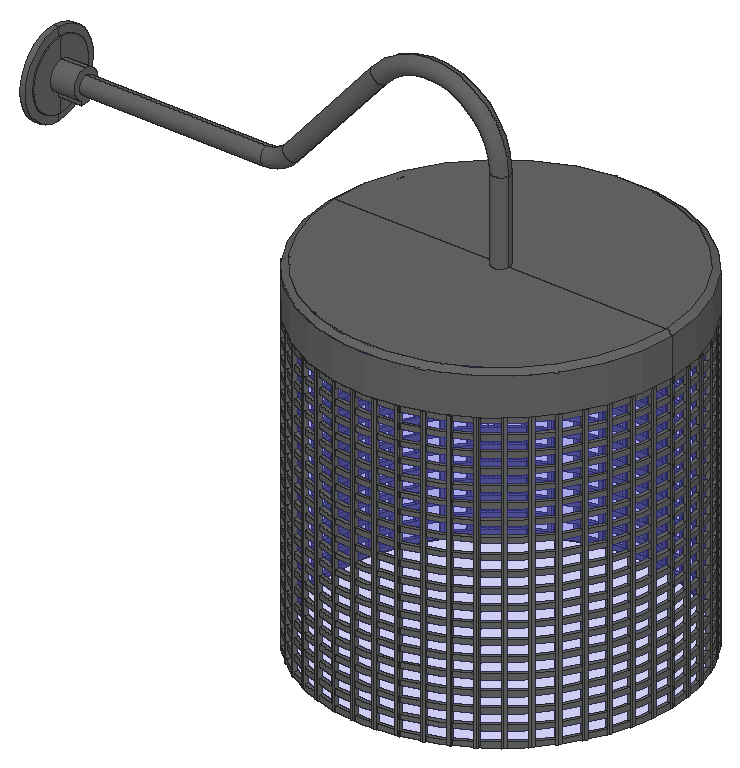
Revit family "OSOC MB 20", category Lighting Fixtures, Revit 2020
Family settings
  Round Connector Dimension = Use Diameter
  Part Type = Normal
  OmniClass Number = 23.80.70.00
  OmniClass Title = Lighting
  Work Plane-Based = No
  Always vertical = Yes
  Cut with Voids When Loaded = No
  Light Source = Yes
  Shared = No
  Room Calculation Point = No
Parameters (values of type "OSOC20")
  b = 0' - 3"
  a = 1' - 7"
  Weight = "18.0 lbs"
  Wattage Comments = "200 W"
  Wattage = 26.9284 W
  Warranty = "5 year limited warranty"  # constant formula
  built-in parameter 1150110 = 1 (stored number, unit not read)
  Voltage = 120 V
  URL = "https://www.anplighting.com/assets/Uploads/product-attachments/specification-sheets/ANP-Specification-Sheet-RLM-MB-OSOC20.pdf"
  built-in parameter 1114217 = 1 (stored number, unit not read)
  Tilt Angle = 90.00°
  built-in parameter 1150109 = 1 (stored number, unit not read)
  built-in parameter 1150134 = 12
  built-in parameter 1150113 = 1 (stored number, unit not read)
  Ring = body
  Photometric Web File = "generic"
  OSOC20 = yes
  built-in parameter 1150142 = (empty or 0)
  Mounting Option [instance] = 2
  Power Factor = 1
  Post Mount [instance] = Mounting Option = 5  # no
  Placement X axis side [instance] = if(Post Mount, 2' 2 15/32", if(Cord or Stem Mount, 0' 0", if(E36 20 inch, 1' 8 1/4", if(E 6 26 inch, 2' 2", if(E7 41 inch, 3' 5 1/4", 0' 1")))))  # 2' - 2"
  Model = "OSOC20"
  Manufacturer = "ANP Lighting"  # constant formula
  built-in parameter 1150105 = 318.31 (stored number, unit not read)
  Lumens = 4000 lm
  built-in parameter 1150115 = 1 (stored number, unit not read)
  Load Classification = Lighting
  Light Source Height [instance] = 0' - 0"
  built-in parameter 1150137 = (empty or 0)
  built-in parameter 1150139 = (empty or 0)
  Light Elevation _2 [instance] = if(Post Mount, 0' 0.66142", if(E7 41 inch, 0' 0.66142", if(E36 20 inch, 0' 1.65748", if(E 6 26 inch, 0' 1.53543", if(Cord or Stem Mount, (0' 4.3622" + Cord Length), 0' 0")))))  # 0' - 1.53543"
  Light Elevation _1 [instance] = if(Post Mount, 0' 0", if(E7 41 inch, 0' 0", if(E36 20 inch, 0' 1", if(E 6 26 inch, 0' 0.87402", if(Cord or Stem Mount, (0' 3.66142" + Cord Length), 0' 0")))))  # 0' - 0.87402"
  Light Elevation [instance] = if(Post Mount, 14' 0.5315", if(E7 41 inch, 0' 0", 0' 0"))  # 0' - 0"
  Life = "L70 50,000 hours"  # constant formula
  built-in parameter 1150112 = 1 (stored number, unit not read)
  built-in parameter 1150114 = 1 (stored number, unit not read)
  Lamp = "MB"
  built-in parameter 1150132 = 2
  built-in parameter 1150102 = (empty or 0)
  built-in parameter 1150107 = 4000 (stored number, unit not read)
  built-in parameter 1150138 = (empty or 0)
  built-in parameter 1150106 = 3.1831 (stored number, unit not read)
  HUB = body
  GLASS = Glass
  Fixture Height = 1' - 7 5/8"
  Fixture Diameter = 1' - 8"
  Efficiency = "65-125 lumens per watt"  # constant formula
  built-in parameter 1150104 = 13.8 (stored number, unit not read)
  E7 41 inch [instance] = Mounting Option = 4  # no
  E36 20 inch [instance] = Mounting Option = 3  # no
  E 6 26 inch [instance] = Mounting Option = 2  # yes
  Dimming Lamp Color Temperature Shift = <None>
  Dimming = "1%"  # constant formula
  Description = "120-277 Voltage"  # constant formula
  Default Elevation = 0' - 0"
  Cord or Stem Mount [instance] = Mounting Option = 1  # no
  Cord Length option [instance] = 0
  Cord Length [instance] = if([2' Cord], 2' 0", if([4' Cord], 4' 0", if([8' Cord], 8' 0", if([10' Cord], 10' 0", if([6' Cord], 6' 0", 6' 0")))))  # 6' - 0"
  Construction Material = "Heavy Duty spun aluminum."  # constant formula
  Color Filter = 16777215
  Canopy Body = body
  CRI = ">90"  # constant formula
  Body Material = body
  Body Colour = "Spun aluminium"  # constant formula
  built-in parameter 1114218 = 1 (stored number, unit not read)
  built-in parameter 1150133 = 10 (stored number, unit not read)
  Apparent Load = 200 VA
  8' Cord [instance] = Cord Length option = 8  # no
  6' Cord [instance] = Cord Length option = 6  # no
  4' Cord [instance] = Cord Length option = 4  # no
  2' Cord [instance] = Cord Length option = 2  # no
  10' Cord [instance] = Cord Length option = 10  # no
Reference planes (in)
  plane 1 "Light Source Axis (F/B)": y = 0
  plane 2: z = 0
  plane 3 "Light Source Axis (L/R)": x = 0
  plane 4 "Light Source Elevation": z = 0
  plane 5: z = 0
  plane 6: x = 26
  plane 7 "Bulb Position": z = -1.53543
  plane 8 "Canopy Position": z = -0.87402
  plane 9 "IES": z = -1.53543
  plane 10: z = 164.5315
  plane 11: z = -19.87402
  plane 12: z = -16.87402
  plane 13: z = -14.44289
Dimensions and locks (in)
  "Light Elevation": plane 5 to plane 2
  "Placement X axis side": plane 6 to plane 3 "Light Source Axis (L/R)"
  "Light Elevation _2": plane 5 to plane 7 "Bulb Position"
  "Light Elevation _1": plane 5 to plane 8 "Canopy Position"
  "Light Source Height": plane 7 "Bulb Position" to plane 9 "IES"
  plane 4 "Light Source Elevation" to plane 2 = 0' - 0"
  "a": plane 8 "Canopy Position" to plane 11
  "b": plane 12 to plane 11
  locked: plane 13 to plane 12 at 2.43113
  aligned and locked: level to plane 2
  aligned and locked: plane 1 "Light Source Axis (F/B)" to nested 5
  aligned and locked: nested 5 to plane 2
  aligned and locked: nested 1 to plane 3 "Light Source Axis (L/R)"
  aligned and locked: plane 3 "Light Source Axis (L/R)" to nested 2
  aligned and locked: plane 3 "Light Source Axis (L/R)" to nested 4
  aligned and locked: nested 3 to plane 5
  aligned and locked: plane 3 "Light Source Axis (L/R)" to nested 3
  aligned and locked: plane 3 "Light Source Axis (L/R)" to nested 5
  aligned and locked: plane 1 "Light Source Axis (F/B)" to nested 2
  aligned and locked: plane 1 "Light Source Axis (F/B)" to nested 1
  aligned and locked: plane 1 "Light Source Axis (F/B)" to nested 4
  aligned and locked: plane 1 "Light Source Axis (F/B)" to nested 3
  aligned and locked: plane 2 to nested 1
  aligned and locked: plane 2 to nested 2
  aligned and locked: nested 4 to plane 2
  aligned and locked: plane 6 to imposter light
  aligned and locked: imposter light to plane 12
  aligned and locked: plane 1 "Light Source Axis (F/B)" to nested 6
  aligned and locked: plane 6 to nested 6
  aligned and locked: nested 6 to plane 8 "Canopy Position"
Nested families (in)
  nested 1: "CORD OR STEM MOUNT" at (0, 0, -75.67), visible <- "Cord or Stem Mount", Cord or Stem Mount <- "Cord or Stem Mount", Body Material <- "Body Material", Light Elevation <- "Light Elevation", Cord Length <- "Cord Length", 10' Cord <- "10' Cord", 2' Cord <- "2' Cord", 4' Cord <- "4' Cord", 6' Cord <- "6' Cord", 8' Cord <- "8' Cord", type "CORD OR STEM MOUNT"
    with Light Elevation 0' - 0", Cord or Stem Mount no, Cord Length 6' - 0", Body Material body, 8' Cord no, 6' Cord no, 4' Cord no, 2' Cord no, 10' Cord no
  nested 2: "E6 26 INCH" at (26, 0, 0), visible <- "E 6 26 inch", Chain Length <- "Cord Length", E 6 26 inch <- "E 6 26 inch", Placement X axis side <- "Placement X axis side", Body Material <- "Body Material", Light Elevation <- "Light Elevation", type "E6 26 INCH"
    with Placement X axis side 2' - 2", Light Elevation 0' - 0", E 6 26 inch yes, Chain Length 6' - 0", Body Material body
  nested 3: "E7 41 INCH" at (26, 0, 0), Chain Length <- "Cord Length", visible <- "E7 41 inch", E7 41 inch <- "E7 41 inch", Placement X axis side <- "Placement X axis side", Body Material <- "Body Material", Light Elevation <- "Light Elevation", type "E7 41 INCH"
    with Placement X axis side 2' - 2", Light Elevation 0' - 0", E7 41 inch no, Chain Length 6' - 0", Body Material body
  nested 4: "E36 20 INCH" at (26, 0, 0), visible <- "E36 20 inch", E36 20 inch <- "E36 20 inch", Placement X axis side <- "Placement X axis side", Chain Length <- "Cord Length", Body Material <- "Body Material", Light Elevation <- "Light Elevation", type "E36 20 INCH"
    with Placement X axis side 2' - 2", Light Elevation 0' - 0", E36 20 inch no, Chain Length 6' - 0", Body Material body
  nested 5: "POST MOUNT" at (26, 0, 0), visible <- "Post Mount", Post Mount <- "Post Mount", Placement X axis side <- "Placement X axis side", Chain Length <- "Cord Length", Body Material <- "Body Material", Light Elevation <- "Light Elevation", type "POST MOUNT"
    with Post Mount no, Placement X axis side 2' - 2", Light Elevation 0' - 0", Chain Length 6' - 0", Body Material body
  nested 6: "OSOC 20_1" at (26, 0, -0.87402), OSOC20 <- "OSOC20", visible <- "OSOC20", GLASS <- "GLASS", HUB <- "HUB", Ring <- "Ring", Light Elevation <- "Light Elevation", type "OSOC 20_1"
    with Ring body, OSOC20 yes, Light Elevation 0' - 0", HUB body, GLASS Glass
Definition of nested family "E6 26 INCH"
  Parameters (values of type "E6 26 INCH")
    URL = ""
    Placement X axis side [instance] = 2' - 2"
    Model = ""
    Manufacturer = ""
    Light Elevation [instance] = 8' - 4"
    E 6 26 inch [instance] = yes
    Default Elevation = 0' - 0"
    Chain Length [instance] = 0' - 0"
    Body Material [instance] = none
  Reference planes (in)
    plane 1 "Light Source Axis (F/B)": y = 0
    plane 2: z = 0
    plane 3 "Light Source Axis (L/R)": x = 0
    plane 4 "Light Source Elevation": z = 23.125
    plane 5: z = 100
    plane 6: x = -26
    plane 7: z = 99.125
    plane 8: x = -24.12
    plane 9: x = -25.5474
  Forms (in)
    Extrusion 1, void, not visible
      sketch origin (0, 0, 2.38154) x (1, 0, 0) y (0, 0, 1)
        loop
          circle (0, 4.59925) r 0.16583
      from 1.18594 to 1.75
    Extrusion 2, void, not visible
      sketch origin (0, 0, 2.38154) x (0.707107, -0.707107, 0) y (0, 0, 1)
        loop
          circle (0, 4.59925) r 0.16583
      from 1.18594 to 1.75
    Extrusion 3, void, not visible
      sketch origin (0, 0, 2.38154) x (0.707107, 0.707107, 0) y (0, 0, 1)
        loop
          circle (0, 4.59925) r 0.16583
      from 1.18594 to 1.75
    Extrusion 4, void, not visible
      sketch origin (0, 0, 2.38154) x (0, 1, 0) y (0, 0, 1)
        loop
          circle (0, 4.59925) r 0.16583
      from 1.18594 to 1.75
    Extrusion 5, void, not visible
      sketch origin (0, 0, 2.38154) x (-0.707107, 0.707107, 0) y (0, 0, 1)
        loop
          circle (0, 4.59925) r 0.16583
      from 1.18594 to 1.75
    Extrusion 6, void, not visible
      sketch origin (0, 0, 2.38154) x (-1, 0, 0) y (0, 0, 1)
        loop
          circle (0, 4.59925) r 0.20678
      from 1.18594 to 1.75
    Extrusion 7, void, not visible
      sketch origin (0, 0, 2.38154) x (-0.707107, -0.707107, 0) y (0, 0, 1)
        loop
          circle (0, 4.59925) r 0.16583
      from 1.18594 to 1.75
    Extrusion 8, void, not visible
      sketch origin (0, 0, 2.38154) x (0, -1, 0) y (0, 0, 1)
        loop
          circle (0, 4.59925) r 0.16583
      from 1.18594 to 1.75
    Sweep 9, solid, material <- "Body Material", visible <- "E 6 26 inch"
      path origin (-41.25, 0, 168.51693) x (1, 0, 0) y (0, 0, 1)
        loop
          line (17.13, -68.51693) -> (27.68551, -68.51693)
          arc (27.68551, -68.51693) -> (28.47996, -68.34486) -> (29.13202, -67.8595) r 1.92004
          line (29.13202, -67.8595) -> (34.23651, -62.01155)
          arc (34.23651, -62.01155) -> (38.65464, -60.89667) -> (41.25, -64.64193) r 4
          line (41.25, -64.64193) -> (41.25, -69.39193)
      profile origin (-18.84224, 0, 100) x (0, 0, 1) y (0, -1, 0)
        loop
          circle (0, 0) r 0.5
    Revolve 10, solid, material <- "Body Material", visible <- "E 6 26 inch"
      sketch origin (-26, 0, 168.51693) x (1, 0, 0) y (0, 0, 1)
        loop
          line (0, -66.07943) -> (0, -68.51693) -> (1.88, -68.51693) -> (1.88, -67.69272) -> (0.4526, -67.69272) -> (0.4526, -66.54122) -> (0.33125, -66.54122) -> (0.33125, -66.07943) -> (0, -66.07943)
        axis (0, -68.51693) -> (1.88, -68.51693)
      angle from 0 to 360
    Extrusion 11, solid, material <- "Body Material", visible <- "E 6 26 inch"
      sketch origin (-26, 0, 168.51693) x (0, -1, 0) y (0, 0, -1)
        loop
          line (0.25, 68.51693) -> (0.25, 69.51693) -> (-0.25, 69.51693) -> (-0.25, 68.51693) -> (0.25, 68.51693)
      from 0.4526 to 1.88
  Cuts and joins
    joined: Revolve 10, Extrusion 11
  Dimensions and locks (in)
    "Light Elevation": plane 5 to plane 2
    "Placement X axis side": plane 3 "Light Source Axis (L/R)" to plane 6
    locked: plane 5 to plane 7 at 0.875
    Revolve 10 sketch curve to Revolve 10 sketch curve to Revolve 10 sketch curve to plane 6 = 0' - 1.4274" locked, 0' - 0.12135" locked, 0' - 0.33125" locked
    Revolve 10 sketch curve to Revolve 10 sketch curve to Revolve 10 sketch curve to plane 5 = 0' - 0.46179" locked, 0' - 1.1515" locked, 0' - 0 211/256" locked
    locked: Sweep 9 sketch curve to plane 6 at 1.88
    locked: Sweep 9 sketch curve to Sweep 9 sketch curve at 10.55551
    locked: Sweep 9 sketch curve to Sweep 9 sketch curve at 13.56449
    locked: Sweep 9 sketch curve to Sweep 9 sketch curve at 4.75
    locked: plane 9 to plane 6 at 0.4526
    locked: plane 8 to plane 9 at 1.4274
    aligned and locked: level to plane 2
    aligned and locked: Revolve 10 sketch curve to plane 6
    aligned and locked: plane 5 to Revolve 10 sketch curve
    aligned and locked: Revolve 10 sketch curve to plane 5
    aligned and locked: cut or joined group of Revolve 10, Extrusion 11 to plane 9
    aligned and locked: plane 8 to cut or joined group of Revolve 10, Extrusion 11
  Automatic sketch dimensions
    Sweep 9 sketch curve to plane 5 = 0' - 0"
    Sweep 9 sketch curve to Sweep 9 sketch curve = 0' - 4"
    Sweep 9 sketch curve to Sweep 9 sketch curve = 0' - 3.01349"
    plane 5 to Sweep 9 sketch curve = 0' - 0.65743"
    Sweep 9 sketch curve to Sweep 9 sketch curve = 0' - 1.4465"
    Sweep 9 sketch curve to plane 5 = 0' - 0 7/8"
    profile plane to Sweep 9 sketch curve = 0' - 0"
    Sweep 9 sketch curve to profile plane = 0' - 0"
    plane 6 to Revolve 10 sketch curve = 0' - 0.62562"
    Revolve 10 sketch curve to Revolve 10 sketch curve = 0' - 0 1/2"
    Extrusion 11 sketch curve to plane 5 = 0' - 0"
    plane 1 "Light Source Axis (F/B)" to Extrusion 11 sketch curve = 0' - 0 1/4"
    Extrusion 11 sketch curve to plane 1 "Light Source Axis (F/B)" = 0' - 0 1/4"
    plane 5 to Extrusion 11 sketch curve = 0' - 1"
    radius of Sweep 9 sketch curve = 0' - 0 1/2"
Definition of nested family "OSOC 20_1"
  Parameters (values of type "OSOC 20_1")
    Ring [instance] = none
    OSOC20 [instance] = yes
    Light Elevation [instance] = 3' - 0"
    HUB [instance] = none
    GLASS [instance] = none
    Default Elevation = 0' - 0"
  Reference planes (in)
    plane 1 "Center (Front/Back)": y = 0
    plane 2: z = 0
    plane 3 "Center (Left/Right)": x = 0
    plane 4: z = 36
  Dimensions and locks (in)
    "Light Elevation": plane 4 to plane 2
    aligned and locked: plane 2 to level
    aligned and locked: plane 3 "Center (Left/Right)" to nested 1
    aligned and locked: plane 1 "Center (Front/Back)" to nested 1
    aligned and locked: plane 4 to nested 1
  Nested families (in)
    nested 1: "OSOC20" at (0, 0, 16.375), Ring <- "Ring", HUB <- "HUB", GLASS <- "GLASS", visible <- "OSOC20", OSOC20 <- "OSOC20", type "OSOC20"
      with Ring none, OSOC20 yes, HUB none, GLASS none
  Definition of nested family "OSOC20"
    Parameters (values of type "OSOC20")
      Ring [instance] = none
      OSOC20 [instance] = yes
      HUB [instance] = none
      GLASS [instance] = none
      Default Elevation = 0' - 0"
    Reference planes (in)
      plane 1 "Center (Front/Back)": y = 0
      plane 2: z = 0
      plane 3 "Center (Left/Right)": x = 0
      plane 4: z = 19.625
      plane 5: x = -10
      plane 6: x = 10
    Forms (in)
      Revolve 1, solid, material <- "HUB", visible <- "OSOC20"
        sketch origin (0, 0, 0) x (1, 0, 0) y (0, 0, 1)
          loop
            line (-10, 17.1875) -> (-9.80254, 17.1875) -> (-9.80254, 19.2195) -> (-9.58046, 19.375) -> (-0.50234, 19.375) -> (-0.50234, 19.625) -> (-9.64296, 19.625) -> (-10, 19.375) -> (-10, 17.1875)
          axis (0, 19.625) -> (0, 17.1875)
        angle from 0 to 360
      Revolve 2, solid, material <- "GLASS", visible <- "OSOC20"
        sketch origin (0, 0, 0) x (1, 0, 0) y (0, 0, 1)
          loop
            line (-9.80254, 17.1875) -> (-9.80254, 0) -> (-9.73937, 0) -> (-9.73937, 17.1875) -> (-9.80254, 17.1875)
          axis (0, 17.1875) -> (0, 0)
        angle from 0 to 360
      Extrusion 3, solid, material <- "Ring", visible <- "OSOC20"
        sketch origin (0, 0, 0) x (1, 0, 0) y (0, 1, 0)
          loop
            arc (9.80254, 0) -> (9.80234, -0.06184) -> (9.80176, -0.12369) r 9.80254
            line (9.80176, -0.12369) -> (9.99924, -0.12369)
            arc (9.99924, -0.12369) -> (9.99981, -0.06184) -> (10, 0) r 10
            arc (10, 0) -> (9.99981, 0.06184) -> (9.99924, 0.12369) r 10
            line (9.99924, 0.12369) -> (9.80176, 0.12369)
            arc (9.80176, 0.12369) -> (9.80234, 0.06184) -> (9.80254, 0) r 9.80254
        from 0 to 17.1875
      Extrusion 4, solid, material <- "Ring", visible <- "OSOC20"
        sketch origin (0, 0, 0) x (0.992115, -0.125333, 0) y (0.125333, 0.992115, 0)
          loop
            arc (9.80254, 0) -> (9.80234, -0.06184) -> (9.80176, -0.12369) r 9.80254
            line (9.80176, -0.12369) -> (9.99924, -0.12369)
            arc (9.99924, -0.12369) -> (9.99981, -0.06184) -> (10, 0) r 10
            arc (10, 0) -> (9.99981, 0.06184) -> (9.99924, 0.12369) r 10
            line (9.99924, 0.12369) -> (9.80176, 0.12369)
            arc (9.80176, 0.12369) -> (9.80234, 0.06184) -> (9.80254, 0) r 9.80254
        from 0 to 17.1875
      Extrusion 5, solid, material <- "Ring", visible <- "OSOC20"
        sketch origin (0, 0, 0) x (0.992115, 0.125333, 0) y (-0.125333, 0.992115, 0)
          loop
            arc (9.80254, 0) -> (9.80234, -0.06184) -> (9.80176, -0.12369) r 9.80254
            line (9.80176, -0.12369) -> (9.99924, -0.12369)
            arc (9.99924, -0.12369) -> (9.99981, -0.06184) -> (10, 0) r 10
            arc (10, 0) -> (9.99981, 0.06184) -> (9.99924, 0.12369) r 10
            line (9.99924, 0.12369) -> (9.80176, 0.12369)
            arc (9.80176, 0.12369) -> (9.80234, 0.06184) -> (9.80254, 0) r 9.80254
        from 0 to 17.1875
      Extrusion 6, solid, material <- "Ring", visible <- "OSOC20"
        sketch origin (0, 0, 0) x (0.968583, 0.24869, 0) y (-0.24869, 0.968583, 0)
          loop
            arc (9.80254, 0) -> (9.80234, -0.06184) -> (9.80176, -0.12369) r 9.80254
            line (9.80176, -0.12369) -> (9.99924, -0.12369)
            arc (9.99924, -0.12369) -> (9.99981, -0.06184) -> (10, 0) r 10
            arc (10, 0) -> (9.99981, 0.06184) -> (9.99924, 0.12369) r 10
            line (9.99924, 0.12369) -> (9.80176, 0.12369)
            arc (9.80176, 0.12369) -> (9.80234, 0.06184) -> (9.80254, 0) r 9.80254
        from 0 to 17.1875
      Extrusion 7, solid, material <- "Ring", visible <- "OSOC20"
        sketch origin (0, 0, 0) x (0.929776, 0.368125, 0) y (-0.368125, 0.929776, 0)
          loop
            arc (9.80254, 0) -> (9.80234, -0.06184) -> (9.80176, -0.12369) r 9.80254
            line (9.80176, -0.12369) -> (9.99924, -0.12369)
            arc (9.99924, -0.12369) -> (9.99981, -0.06184) -> (10, 0) r 10
            arc (10, 0) -> (9.99981, 0.06184) -> (9.99924, 0.12369) r 10
            line (9.99924, 0.12369) -> (9.80176, 0.12369)
            arc (9.80176, 0.12369) -> (9.80234, 0.06184) -> (9.80254, 0) r 9.80254
        from 0 to 17.1875
      Extrusion 8, solid, material <- "Ring", visible <- "OSOC20"
        sketch origin (0, 0, 0) x (0.876307, 0.481754, 0) y (-0.481754, 0.876307, 0)
          loop
            arc (9.80254, 0) -> (9.80234, -0.06184) -> (9.80176, -0.12369) r 9.80254
            line (9.80176, -0.12369) -> (9.99924, -0.12369)
            arc (9.99924, -0.12369) -> (9.99981, -0.06184) -> (10, 0) r 10
            arc (10, 0) -> (9.99981, 0.06184) -> (9.99924, 0.12369) r 10
            line (9.99924, 0.12369) -> (9.80176, 0.12369)
            arc (9.80176, 0.12369) -> (9.80234, 0.06184) -> (9.80254, 0) r 9.80254
        from 0 to 17.1875
      Extrusion 9, solid, material <- "Ring", visible <- "OSOC20"
        sketch origin (0, 0, 0) x (0.809017, 0.587785, 0) y (-0.587785, 0.809017, 0)
          loop
            arc (9.80254, 0) -> (9.80234, -0.06184) -> (9.80176, -0.12369) r 9.80254
            line (9.80176, -0.12369) -> (9.99924, -0.12369)
            arc (9.99924, -0.12369) -> (9.99981, -0.06184) -> (10, 0) r 10
            arc (10, 0) -> (9.99981, 0.06184) -> (9.99924, 0.12369) r 10
            line (9.99924, 0.12369) -> (9.80176, 0.12369)
            arc (9.80176, 0.12369) -> (9.80234, 0.06184) -> (9.80254, 0) r 9.80254
        from 0 to 17.1875
      Extrusion 10, solid, material <- "Ring", visible <- "OSOC20"
        sketch origin (0, 0, 0) x (0.728969, 0.684547, 0) y (-0.684547, 0.728969, 0)
          loop
            arc (9.80254, 0) -> (9.80234, -0.06184) -> (9.80176, -0.12369) r 9.80254
            line (9.80176, -0.12369) -> (9.99924, -0.12369)
            arc (9.99924, -0.12369) -> (9.99981, -0.06184) -> (10, 0) r 10
            arc (10, 0) -> (9.99981, 0.06184) -> (9.99924, 0.12369) r 10
            line (9.99924, 0.12369) -> (9.80176, 0.12369)
            arc (9.80176, 0.12369) -> (9.80234, 0.06184) -> (9.80254, 0) r 9.80254
        from 0 to 17.1875
      Extrusion 11, solid, material <- "Ring", visible <- "OSOC20"
        sketch origin (0, 0, 0) x (0.637424, 0.770513, 0) y (-0.770513, 0.637424, 0)
          loop
            arc (9.80254, 0) -> (9.80234, -0.06184) -> (9.80176, -0.12369) r 9.80254
            line (9.80176, -0.12369) -> (9.99924, -0.12369)
            arc (9.99924, -0.12369) -> (9.99981, -0.06184) -> (10, 0) r 10
            arc (10, 0) -> (9.99981, 0.06184) -> (9.99924, 0.12369) r 10
            line (9.99924, 0.12369) -> (9.80176, 0.12369)
            arc (9.80176, 0.12369) -> (9.80234, 0.06184) -> (9.80254, 0) r 9.80254
        from 0 to 17.1875
      Extrusion 12, solid, material <- "Ring", visible <- "OSOC20"
        sketch origin (0, 0, 0) x (0.535827, 0.844328, 0) y (-0.844328, 0.535827, 0)
          loop
            arc (9.80254, 0) -> (9.80234, -0.06184) -> (9.80176, -0.12369) r 9.80254
            line (9.80176, -0.12369) -> (9.99924, -0.12369)
            arc (9.99924, -0.12369) -> (9.99981, -0.06184) -> (10, 0) r 10
            arc (10, 0) -> (9.99981, 0.06184) -> (9.99924, 0.12369) r 10
            line (9.99924, 0.12369) -> (9.80176, 0.12369)
            arc (9.80176, 0.12369) -> (9.80234, 0.06184) -> (9.80254, 0) r 9.80254
        from 0 to 17.1875
      Extrusion 13, solid, material <- "Ring", visible <- "OSOC20"
        sketch origin (0, 0, 0) x (0.425779, 0.904827, 0) y (-0.904827, 0.425779, 0)
          loop
            arc (9.80254, 0) -> (9.80234, -0.06184) -> (9.80176, -0.12369) r 9.80254
            line (9.80176, -0.12369) -> (9.99924, -0.12369)
            arc (9.99924, -0.12369) -> (9.99981, -0.06184) -> (10, 0) r 10
            arc (10, 0) -> (9.99981, 0.06184) -> (9.99924, 0.12369) r 10
            line (9.99924, 0.12369) -> (9.80176, 0.12369)
            arc (9.80176, 0.12369) -> (9.80234, 0.06184) -> (9.80254, 0) r 9.80254
        from 0 to 17.1875
      Extrusion 14, solid, material <- "Ring", visible <- "OSOC20"
        sketch origin (0, 0, 0) x (0.309017, 0.951057, 0) y (-0.951057, 0.309017, 0)
          loop
            arc (9.80254, 0) -> (9.80234, -0.06184) -> (9.80176, -0.12369) r 9.80254
            line (9.80176, -0.12369) -> (9.99924, -0.12369)
            arc (9.99924, -0.12369) -> (9.99981, -0.06184) -> (10, 0) r 10
            arc (10, 0) -> (9.99981, 0.06184) -> (9.99924, 0.12369) r 10
            line (9.99924, 0.12369) -> (9.80176, 0.12369)
            arc (9.80176, 0.12369) -> (9.80234, 0.06184) -> (9.80254, 0) r 9.80254
        from 0 to 17.1875
      Extrusion 15, solid, material <- "Ring", visible <- "OSOC20"
        sketch origin (0, 0, 0) x (0.187381, 0.982287, 0) y (-0.982287, 0.187381, 0)
          loop
            arc (9.80254, 0) -> (9.80234, -0.06184) -> (9.80176, -0.12369) r 9.80254
            line (9.80176, -0.12369) -> (9.99924, -0.12369)
            arc (9.99924, -0.12369) -> (9.99981, -0.06184) -> (10, 0) r 10
            arc (10, 0) -> (9.99981, 0.06184) -> (9.99924, 0.12369) r 10
            line (9.99924, 0.12369) -> (9.80176, 0.12369)
            arc (9.80176, 0.12369) -> (9.80234, 0.06184) -> (9.80254, 0) r 9.80254
        from 0 to 17.1875
      Extrusion 16, solid, material <- "Ring", visible <- "OSOC20"
        sketch origin (0, 0, 0) x (0.062791, 0.998027, 0) y (-0.998027, 0.062791, 0)
          loop
            arc (9.80254, 0) -> (9.80234, -0.06184) -> (9.80176, -0.12369) r 9.80254
            line (9.80176, -0.12369) -> (9.99924, -0.12369)
            arc (9.99924, -0.12369) -> (9.99981, -0.06184) -> (10, 0) r 10
            arc (10, 0) -> (9.99981, 0.06184) -> (9.99924, 0.12369) r 10
            line (9.99924, 0.12369) -> (9.80176, 0.12369)
            arc (9.80176, 0.12369) -> (9.80234, 0.06184) -> (9.80254, 0) r 9.80254
        from 0 to 17.1875
      Extrusion 17, solid, material <- "Ring", visible <- "OSOC20"
        sketch origin (0, 0, 0) x (-0.062791, 0.998027, 0) y (-0.998027, -0.062791, 0)
          loop
            arc (9.80254, 0) -> (9.80234, -0.06184) -> (9.80176, -0.12369) r 9.80254
            line (9.80176, -0.12369) -> (9.99924, -0.12369)
            arc (9.99924, -0.12369) -> (9.99981, -0.06184) -> (10, 0) r 10
            arc (10, 0) -> (9.99981, 0.06184) -> (9.99924, 0.12369) r 10
            line (9.99924, 0.12369) -> (9.80176, 0.12369)
            arc (9.80176, 0.12369) -> (9.80234, 0.06184) -> (9.80254, 0) r 9.80254
        from 0 to 17.1875
      Extrusion 18, solid, material <- "Ring", visible <- "OSOC20"
        sketch origin (0, 0, 0) x (-0.187381, 0.982287, 0) y (-0.982287, -0.187381, 0)
          loop
            arc (9.80254, 0) -> (9.80234, -0.06184) -> (9.80176, -0.12369) r 9.80254
            line (9.80176, -0.12369) -> (9.99924, -0.12369)
            arc (9.99924, -0.12369) -> (9.99981, -0.06184) -> (10, 0) r 10
            arc (10, 0) -> (9.99981, 0.06184) -> (9.99924, 0.12369) r 10
            line (9.99924, 0.12369) -> (9.80176, 0.12369)
            arc (9.80176, 0.12369) -> (9.80234, 0.06184) -> (9.80254, 0) r 9.80254
        from 0 to 17.1875
      Extrusion 19, solid, material <- "Ring", visible <- "OSOC20"
        sketch origin (0, 0, 0) x (-0.309017, 0.951057, 0) y (-0.951057, -0.309017, 0)
          loop
            arc (9.80254, 0) -> (9.80234, -0.06184) -> (9.80176, -0.12369) r 9.80254
            line (9.80176, -0.12369) -> (9.99924, -0.12369)
            arc (9.99924, -0.12369) -> (9.99981, -0.06184) -> (10, 0) r 10
            arc (10, 0) -> (9.99981, 0.06184) -> (9.99924, 0.12369) r 10
            line (9.99924, 0.12369) -> (9.80176, 0.12369)
            arc (9.80176, 0.12369) -> (9.80234, 0.06184) -> (9.80254, 0) r 9.80254
        from 0 to 17.1875
      Extrusion 20, solid, material <- "Ring", visible <- "OSOC20"
        sketch origin (0, 0, 0) x (-0.425779, 0.904827, 0) y (-0.904827, -0.425779, 0)
          loop
            arc (9.80254, 0) -> (9.80234, -0.06184) -> (9.80176, -0.12369) r 9.80254
            line (9.80176, -0.12369) -> (9.99924, -0.12369)
            arc (9.99924, -0.12369) -> (9.99981, -0.06184) -> (10, 0) r 10
            arc (10, 0) -> (9.99981, 0.06184) -> (9.99924, 0.12369) r 10
            line (9.99924, 0.12369) -> (9.80176, 0.12369)
            arc (9.80176, 0.12369) -> (9.80234, 0.06184) -> (9.80254, 0) r 9.80254
        from 0 to 17.1875
      Extrusion 21, solid, material <- "Ring", visible <- "OSOC20"
        sketch origin (0, 0, 0) x (-0.535827, 0.844328, 0) y (-0.844328, -0.535827, 0)
          loop
            arc (9.80254, 0) -> (9.80234, -0.06184) -> (9.80176, -0.12369) r 9.80254
            line (9.80176, -0.12369) -> (9.99924, -0.12369)
            arc (9.99924, -0.12369) -> (9.99981, -0.06184) -> (10, 0) r 10
            arc (10, 0) -> (9.99981, 0.06184) -> (9.99924, 0.12369) r 10
            line (9.99924, 0.12369) -> (9.80176, 0.12369)
            arc (9.80176, 0.12369) -> (9.80234, 0.06184) -> (9.80254, 0) r 9.80254
        from 0 to 17.1875
      Extrusion 22, solid, material <- "Ring", visible <- "OSOC20"
        sketch origin (0, 0, 0) x (-0.637424, 0.770513, 0) y (-0.770513, -0.637424, 0)
          loop
            arc (9.80254, 0) -> (9.80234, -0.06184) -> (9.80176, -0.12369) r 9.80254
            line (9.80176, -0.12369) -> (9.99924, -0.12369)
            arc (9.99924, -0.12369) -> (9.99981, -0.06184) -> (10, 0) r 10
            arc (10, 0) -> (9.99981, 0.06184) -> (9.99924, 0.12369) r 10
            line (9.99924, 0.12369) -> (9.80176, 0.12369)
            arc (9.80176, 0.12369) -> (9.80234, 0.06184) -> (9.80254, 0) r 9.80254
        from 0 to 17.1875
      Extrusion 23, solid, material <- "Ring", visible <- "OSOC20"
        sketch origin (0, 0, 0) x (-0.728969, 0.684547, 0) y (-0.684547, -0.728969, 0)
          loop
            arc (9.80254, 0) -> (9.80234, -0.06184) -> (9.80176, -0.12369) r 9.80254
            line (9.80176, -0.12369) -> (9.99924, -0.12369)
            arc (9.99924, -0.12369) -> (9.99981, -0.06184) -> (10, 0) r 10
            arc (10, 0) -> (9.99981, 0.06184) -> (9.99924, 0.12369) r 10
            line (9.99924, 0.12369) -> (9.80176, 0.12369)
            arc (9.80176, 0.12369) -> (9.80234, 0.06184) -> (9.80254, 0) r 9.80254
        from 0 to 17.1875
      Extrusion 24, solid, material <- "Ring", visible <- "OSOC20"
        sketch origin (0, 0, 0) x (-0.809017, 0.587785, 0) y (-0.587785, -0.809017, 0)
          loop
            arc (9.80254, 0) -> (9.80234, -0.06184) -> (9.80176, -0.12369) r 9.80254
            line (9.80176, -0.12369) -> (9.99924, -0.12369)
            arc (9.99924, -0.12369) -> (9.99981, -0.06184) -> (10, 0) r 10
            arc (10, 0) -> (9.99981, 0.06184) -> (9.99924, 0.12369) r 10
            line (9.99924, 0.12369) -> (9.80176, 0.12369)
            arc (9.80176, 0.12369) -> (9.80234, 0.06184) -> (9.80254, 0) r 9.80254
        from 0 to 17.1875
      Extrusion 25, solid, material <- "Ring", visible <- "OSOC20"
        sketch origin (0, 0, 0) x (-0.876307, 0.481754, 0) y (-0.481754, -0.876307, 0)
          loop
            arc (9.80254, 0) -> (9.80234, -0.06184) -> (9.80176, -0.12369) r 9.80254
            line (9.80176, -0.12369) -> (9.99924, -0.12369)
            arc (9.99924, -0.12369) -> (9.99981, -0.06184) -> (10, 0) r 10
            arc (10, 0) -> (9.99981, 0.06184) -> (9.99924, 0.12369) r 10
            line (9.99924, 0.12369) -> (9.80176, 0.12369)
            arc (9.80176, 0.12369) -> (9.80234, 0.06184) -> (9.80254, 0) r 9.80254
        from 0 to 17.1875
      Extrusion 26, solid, material <- "Ring", visible <- "OSOC20"
        sketch origin (0, 0, 0) x (-0.929776, 0.368125, 0) y (-0.368125, -0.929776, 0)
          loop
            arc (9.80254, 0) -> (9.80234, -0.06184) -> (9.80176, -0.12369) r 9.80254
            line (9.80176, -0.12369) -> (9.99924, -0.12369)
            arc (9.99924, -0.12369) -> (9.99981, -0.06184) -> (10, 0) r 10
            arc (10, 0) -> (9.99981, 0.06184) -> (9.99924, 0.12369) r 10
            line (9.99924, 0.12369) -> (9.80176, 0.12369)
            arc (9.80176, 0.12369) -> (9.80234, 0.06184) -> (9.80254, 0) r 9.80254
        from 0 to 17.1875
      Extrusion 27, solid, material <- "Ring", visible <- "OSOC20"
        sketch origin (0, 0, 0) x (-0.968583, 0.24869, 0) y (-0.24869, -0.968583, 0)
          loop
            arc (9.80254, 0) -> (9.80234, -0.06184) -> (9.80176, -0.12369) r 9.80254
            line (9.80176, -0.12369) -> (9.99924, -0.12369)
            arc (9.99924, -0.12369) -> (9.99981, -0.06184) -> (10, 0) r 10
            arc (10, 0) -> (9.99981, 0.06184) -> (9.99924, 0.12369) r 10
            line (9.99924, 0.12369) -> (9.80176, 0.12369)
            arc (9.80176, 0.12369) -> (9.80234, 0.06184) -> (9.80254, 0) r 9.80254
        from 0 to 17.1875
      Extrusion 28, solid, material <- "Ring", visible <- "OSOC20"
        sketch origin (0, 0, 0) x (-0.992115, 0.125333, 0) y (-0.125333, -0.992115, 0)
          loop
            arc (9.80254, 0) -> (9.80234, -0.06184) -> (9.80176, -0.12369) r 9.80254
            line (9.80176, -0.12369) -> (9.99924, -0.12369)
            arc (9.99924, -0.12369) -> (9.99981, -0.06184) -> (10, 0) r 10
            arc (10, 0) -> (9.99981, 0.06184) -> (9.99924, 0.12369) r 10
            line (9.99924, 0.12369) -> (9.80176, 0.12369)
            arc (9.80176, 0.12369) -> (9.80234, 0.06184) -> (9.80254, 0) r 9.80254
        from 0 to 17.1875
      Extrusion 29, solid, material <- "Ring", visible <- "OSOC20"
        sketch origin (0, 0, 0) x (-1, 0, 0) y (0, -1, 0)
          loop
            arc (9.80254, 0) -> (9.80234, -0.06184) -> (9.80176, -0.12369) r 9.80254
            line (9.80176, -0.12369) -> (9.99924, -0.12369)
            arc (9.99924, -0.12369) -> (9.99981, -0.06184) -> (10, 0) r 10
            arc (10, 0) -> (9.99981, 0.06184) -> (9.99924, 0.12369) r 10
            line (9.99924, 0.12369) -> (9.80176, 0.12369)
            arc (9.80176, 0.12369) -> (9.80234, 0.06184) -> (9.80254, 0) r 9.80254
        from 0 to 17.1875
      Extrusion 30, solid, material <- "Ring", visible <- "OSOC20"
        sketch origin (0, 0, 0) x (-0.992115, -0.125333, 0) y (0.125333, -0.992115, 0)
          loop
            arc (9.80254, 0) -> (9.80234, -0.06184) -> (9.80176, -0.12369) r 9.80254
            line (9.80176, -0.12369) -> (9.99924, -0.12369)
            arc (9.99924, -0.12369) -> (9.99981, -0.06184) -> (10, 0) r 10
            arc (10, 0) -> (9.99981, 0.06184) -> (9.99924, 0.12369) r 10
            line (9.99924, 0.12369) -> (9.80176, 0.12369)
            arc (9.80176, 0.12369) -> (9.80234, 0.06184) -> (9.80254, 0) r 9.80254
        from 0 to 17.1875
      Extrusion 31, solid, material <- "Ring", visible <- "OSOC20"
        sketch origin (0, 0, 0) x (-0.968583, -0.24869, 0) y (0.24869, -0.968583, 0)
          loop
            arc (9.80254, 0) -> (9.80234, -0.06184) -> (9.80176, -0.12369) r 9.80254
            line (9.80176, -0.12369) -> (9.99924, -0.12369)
            arc (9.99924, -0.12369) -> (9.99981, -0.06184) -> (10, 0) r 10
            arc (10, 0) -> (9.99981, 0.06184) -> (9.99924, 0.12369) r 10
            line (9.99924, 0.12369) -> (9.80176, 0.12369)
            arc (9.80176, 0.12369) -> (9.80234, 0.06184) -> (9.80254, 0) r 9.80254
        from 0 to 17.1875
      Extrusion 32, solid, material <- "Ring", visible <- "OSOC20"
        sketch origin (0, 0, 0) x (-0.929776, -0.368125, 0) y (0.368125, -0.929776, 0)
          loop
            arc (9.80254, 0) -> (9.80234, -0.06184) -> (9.80176, -0.12369) r 9.80254
            line (9.80176, -0.12369) -> (9.99924, -0.12369)
            arc (9.99924, -0.12369) -> (9.99981, -0.06184) -> (10, 0) r 10
            arc (10, 0) -> (9.99981, 0.06184) -> (9.99924, 0.12369) r 10
            line (9.99924, 0.12369) -> (9.80176, 0.12369)
            arc (9.80176, 0.12369) -> (9.80234, 0.06184) -> (9.80254, 0) r 9.80254
        from 0 to 17.1875
      Extrusion 33, solid, material <- "Ring", visible <- "OSOC20"
        sketch origin (0, 0, 0) x (-0.876307, -0.481754, 0) y (0.481754, -0.876307, 0)
          loop
            arc (9.80254, 0) -> (9.80234, -0.06184) -> (9.80176, -0.12369) r 9.80254
            line (9.80176, -0.12369) -> (9.99924, -0.12369)
            arc (9.99924, -0.12369) -> (9.99981, -0.06184) -> (10, 0) r 10
            arc (10, 0) -> (9.99981, 0.06184) -> (9.99924, 0.12369) r 10
            line (9.99924, 0.12369) -> (9.80176, 0.12369)
            arc (9.80176, 0.12369) -> (9.80234, 0.06184) -> (9.80254, 0) r 9.80254
        from 0 to 17.1875
      Extrusion 34, solid, material <- "Ring", visible <- "OSOC20"
        sketch origin (0, 0, 0) x (-0.809017, -0.587785, 0) y (0.587785, -0.809017, 0)
          loop
            arc (9.80254, 0) -> (9.80234, -0.06184) -> (9.80176, -0.12369) r 9.80254
            line (9.80176, -0.12369) -> (9.99924, -0.12369)
            arc (9.99924, -0.12369) -> (9.99981, -0.06184) -> (10, 0) r 10
            arc (10, 0) -> (9.99981, 0.06184) -> (9.99924, 0.12369) r 10
            line (9.99924, 0.12369) -> (9.80176, 0.12369)
            arc (9.80176, 0.12369) -> (9.80234, 0.06184) -> (9.80254, 0) r 9.80254
        from 0 to 17.1875
      Extrusion 35, solid, material <- "Ring", visible <- "OSOC20"
        sketch origin (0, 0, 0) x (-0.728969, -0.684547, 0) y (0.684547, -0.728969, 0)
          loop
            arc (9.80254, 0) -> (9.80234, -0.06184) -> (9.80176, -0.12369) r 9.80254
            line (9.80176, -0.12369) -> (9.99924, -0.12369)
            arc (9.99924, -0.12369) -> (9.99981, -0.06184) -> (10, 0) r 10
            arc (10, 0) -> (9.99981, 0.06184) -> (9.99924, 0.12369) r 10
            line (9.99924, 0.12369) -> (9.80176, 0.12369)
            arc (9.80176, 0.12369) -> (9.80234, 0.06184) -> (9.80254, 0) r 9.80254
        from 0 to 17.1875
      Extrusion 36, solid, material <- "Ring", visible <- "OSOC20"
        sketch origin (0, 0, 0) x (-0.637424, -0.770513, 0) y (0.770513, -0.637424, 0)
          loop
            arc (9.80254, 0) -> (9.80234, -0.06184) -> (9.80176, -0.12369) r 9.80254
            line (9.80176, -0.12369) -> (9.99924, -0.12369)
            arc (9.99924, -0.12369) -> (9.99981, -0.06184) -> (10, 0) r 10
            arc (10, 0) -> (9.99981, 0.06184) -> (9.99924, 0.12369) r 10
            line (9.99924, 0.12369) -> (9.80176, 0.12369)
            arc (9.80176, 0.12369) -> (9.80234, 0.06184) -> (9.80254, 0) r 9.80254
        from 0 to 17.1875
      Extrusion 37, solid, material <- "Ring", visible <- "OSOC20"
        sketch origin (0, 0, 0) x (-0.535827, -0.844328, 0) y (0.844328, -0.535827, 0)
          loop
            arc (9.80254, 0) -> (9.80234, -0.06184) -> (9.80176, -0.12369) r 9.80254
            line (9.80176, -0.12369) -> (9.99924, -0.12369)
            arc (9.99924, -0.12369) -> (9.99981, -0.06184) -> (10, 0) r 10
            arc (10, 0) -> (9.99981, 0.06184) -> (9.99924, 0.12369) r 10
            line (9.99924, 0.12369) -> (9.80176, 0.12369)
            arc (9.80176, 0.12369) -> (9.80234, 0.06184) -> (9.80254, 0) r 9.80254
        from 0 to 17.1875
      Extrusion 38, solid, material <- "Ring", visible <- "OSOC20"
        sketch origin (0, 0, 0) x (-0.425779, -0.904827, 0) y (0.904827, -0.425779, 0)
          loop
            arc (9.80254, 0) -> (9.80234, -0.06184) -> (9.80176, -0.12369) r 9.80254
            line (9.80176, -0.12369) -> (9.99924, -0.12369)
            arc (9.99924, -0.12369) -> (9.99981, -0.06184) -> (10, 0) r 10
            arc (10, 0) -> (9.99981, 0.06184) -> (9.99924, 0.12369) r 10
            line (9.99924, 0.12369) -> (9.80176, 0.12369)
            arc (9.80176, 0.12369) -> (9.80234, 0.06184) -> (9.80254, 0) r 9.80254
        from 0 to 17.1875
      Extrusion 39, solid, material <- "Ring", visible <- "OSOC20"
        sketch origin (0, 0, 0) x (-0.309017, -0.951057, 0) y (0.951057, -0.309017, 0)
          loop
            arc (9.80254, 0) -> (9.80234, -0.06184) -> (9.80176, -0.12369) r 9.80254
            line (9.80176, -0.12369) -> (9.99924, -0.12369)
            arc (9.99924, -0.12369) -> (9.99981, -0.06184) -> (10, 0) r 10
            arc (10, 0) -> (9.99981, 0.06184) -> (9.99924, 0.12369) r 10
            line (9.99924, 0.12369) -> (9.80176, 0.12369)
            arc (9.80176, 0.12369) -> (9.80234, 0.06184) -> (9.80254, 0) r 9.80254
        from 0 to 17.1875
      Extrusion 40, solid, material <- "Ring", visible <- "OSOC20"
        sketch origin (0, 0, 0) x (-0.187381, -0.982287, 0) y (0.982287, -0.187381, 0)
          loop
            arc (9.80254, 0) -> (9.80234, -0.06184) -> (9.80176, -0.12369) r 9.80254
            line (9.80176, -0.12369) -> (9.99924, -0.12369)
            arc (9.99924, -0.12369) -> (9.99981, -0.06184) -> (10, 0) r 10
            arc (10, 0) -> (9.99981, 0.06184) -> (9.99924, 0.12369) r 10
            line (9.99924, 0.12369) -> (9.80176, 0.12369)
            arc (9.80176, 0.12369) -> (9.80234, 0.06184) -> (9.80254, 0) r 9.80254
        from 0 to 17.1875
      Extrusion 41, solid, material <- "Ring", visible <- "OSOC20"
        sketch origin (0, 0, 0) x (-0.062791, -0.998027, 0) y (0.998027, -0.062791, 0)
          loop
            arc (9.80254, 0) -> (9.80234, -0.06184) -> (9.80176, -0.12369) r 9.80254
            line (9.80176, -0.12369) -> (9.99924, -0.12369)
            arc (9.99924, -0.12369) -> (9.99981, -0.06184) -> (10, 0) r 10
            arc (10, 0) -> (9.99981, 0.06184) -> (9.99924, 0.12369) r 10
            line (9.99924, 0.12369) -> (9.80176, 0.12369)
            arc (9.80176, 0.12369) -> (9.80234, 0.06184) -> (9.80254, 0) r 9.80254
        from 0 to 17.1875
      Extrusion 42, solid, material <- "Ring", visible <- "OSOC20"
        sketch origin (0, 0, 0) x (0.062791, -0.998027, 0) y (0.998027, 0.062791, 0)
          loop
            arc (9.80254, 0) -> (9.80234, -0.06184) -> (9.80176, -0.12369) r 9.80254
            line (9.80176, -0.12369) -> (9.99924, -0.12369)
            arc (9.99924, -0.12369) -> (9.99981, -0.06184) -> (10, 0) r 10
            arc (10, 0) -> (9.99981, 0.06184) -> (9.99924, 0.12369) r 10
            line (9.99924, 0.12369) -> (9.80176, 0.12369)
            arc (9.80176, 0.12369) -> (9.80234, 0.06184) -> (9.80254, 0) r 9.80254
        from 0 to 17.1875
      Extrusion 43, solid, material <- "Ring", visible <- "OSOC20"
        sketch origin (0, 0, 0) x (0.187381, -0.982287, 0) y (0.982287, 0.187381, 0)
          loop
            arc (9.80254, 0) -> (9.80234, -0.06184) -> (9.80176, -0.12369) r 9.80254
            line (9.80176, -0.12369) -> (9.99924, -0.12369)
            arc (9.99924, -0.12369) -> (9.99981, -0.06184) -> (10, 0) r 10
            arc (10, 0) -> (9.99981, 0.06184) -> (9.99924, 0.12369) r 10
            line (9.99924, 0.12369) -> (9.80176, 0.12369)
            arc (9.80176, 0.12369) -> (9.80234, 0.06184) -> (9.80254, 0) r 9.80254
        from 0 to 17.1875
      Extrusion 44, solid, material <- "Ring", visible <- "OSOC20"
        sketch origin (0, 0, 0) x (0.309017, -0.951057, 0) y (0.951057, 0.309017, 0)
          loop
            arc (9.80254, 0) -> (9.80234, -0.06184) -> (9.80176, -0.12369) r 9.80254
            line (9.80176, -0.12369) -> (9.99924, -0.12369)
            arc (9.99924, -0.12369) -> (9.99981, -0.06184) -> (10, 0) r 10
            arc (10, 0) -> (9.99981, 0.06184) -> (9.99924, 0.12369) r 10
            line (9.99924, 0.12369) -> (9.80176, 0.12369)
            arc (9.80176, 0.12369) -> (9.80234, 0.06184) -> (9.80254, 0) r 9.80254
        from 0 to 17.1875
      Extrusion 45, solid, material <- "Ring", visible <- "OSOC20"
        sketch origin (0, 0, 0) x (0.425779, -0.904827, 0) y (0.904827, 0.425779, 0)
          loop
            arc (9.80254, 0) -> (9.80234, -0.06184) -> (9.80176, -0.12369) r 9.80254
            line (9.80176, -0.12369) -> (9.99924, -0.12369)
            arc (9.99924, -0.12369) -> (9.99981, -0.06184) -> (10, 0) r 10
            arc (10, 0) -> (9.99981, 0.06184) -> (9.99924, 0.12369) r 10
            line (9.99924, 0.12369) -> (9.80176, 0.12369)
            arc (9.80176, 0.12369) -> (9.80234, 0.06184) -> (9.80254, 0) r 9.80254
        from 0 to 17.1875
      Extrusion 46, solid, material <- "Ring", visible <- "OSOC20"
        sketch origin (0, 0, 0) x (0.535827, -0.844328, 0) y (0.844328, 0.535827, 0)
          loop
            arc (9.80254, 0) -> (9.80234, -0.06184) -> (9.80176, -0.12369) r 9.80254
            line (9.80176, -0.12369) -> (9.99924, -0.12369)
            arc (9.99924, -0.12369) -> (9.99981, -0.06184) -> (10, 0) r 10
            arc (10, 0) -> (9.99981, 0.06184) -> (9.99924, 0.12369) r 10
            line (9.99924, 0.12369) -> (9.80176, 0.12369)
            arc (9.80176, 0.12369) -> (9.80234, 0.06184) -> (9.80254, 0) r 9.80254
        from 0 to 17.1875
      Extrusion 47, solid, material <- "Ring", visible <- "OSOC20"
        sketch origin (0, 0, 0) x (0.637424, -0.770513, 0) y (0.770513, 0.637424, 0)
          loop
            arc (9.80254, 0) -> (9.80234, -0.06184) -> (9.80176, -0.12369) r 9.80254
            line (9.80176, -0.12369) -> (9.99924, -0.12369)
            arc (9.99924, -0.12369) -> (9.99981, -0.06184) -> (10, 0) r 10
            arc (10, 0) -> (9.99981, 0.06184) -> (9.99924, 0.12369) r 10
            line (9.99924, 0.12369) -> (9.80176, 0.12369)
            arc (9.80176, 0.12369) -> (9.80234, 0.06184) -> (9.80254, 0) r 9.80254
        from 0 to 17.1875
      Extrusion 48, solid, material <- "Ring", visible <- "OSOC20"
        sketch origin (0, 0, 0) x (0.728969, -0.684547, 0) y (0.684547, 0.728969, 0)
          loop
            arc (9.80254, 0) -> (9.80234, -0.06184) -> (9.80176, -0.12369) r 9.80254
            line (9.80176, -0.12369) -> (9.99924, -0.12369)
            arc (9.99924, -0.12369) -> (9.99981, -0.06184) -> (10, 0) r 10
            arc (10, 0) -> (9.99981, 0.06184) -> (9.99924, 0.12369) r 10
            line (9.99924, 0.12369) -> (9.80176, 0.12369)
            arc (9.80176, 0.12369) -> (9.80234, 0.06184) -> (9.80254, 0) r 9.80254
        from 0 to 17.1875
      Extrusion 49, solid, material <- "Ring", visible <- "OSOC20"
        sketch origin (0, 0, 0) x (0.809017, -0.587785, 0) y (0.587785, 0.809017, 0)
          loop
            arc (9.80254, 0) -> (9.80234, -0.06184) -> (9.80176, -0.12369) r 9.80254
            line (9.80176, -0.12369) -> (9.99924, -0.12369)
            arc (9.99924, -0.12369) -> (9.99981, -0.06184) -> (10, 0) r 10
            arc (10, 0) -> (9.99981, 0.06184) -> (9.99924, 0.12369) r 10
            line (9.99924, 0.12369) -> (9.80176, 0.12369)
            arc (9.80176, 0.12369) -> (9.80234, 0.06184) -> (9.80254, 0) r 9.80254
        from 0 to 17.1875
      Extrusion 50, solid, material <- "Ring", visible <- "OSOC20"
        sketch origin (0, 0, 0) x (0.876307, -0.481754, 0) y (0.481754, 0.876307, 0)
          loop
            arc (9.80254, 0) -> (9.80234, -0.06184) -> (9.80176, -0.12369) r 9.80254
            line (9.80176, -0.12369) -> (9.99924, -0.12369)
            arc (9.99924, -0.12369) -> (9.99981, -0.06184) -> (10, 0) r 10
            arc (10, 0) -> (9.99981, 0.06184) -> (9.99924, 0.12369) r 10
            line (9.99924, 0.12369) -> (9.80176, 0.12369)
            arc (9.80176, 0.12369) -> (9.80234, 0.06184) -> (9.80254, 0) r 9.80254
        from 0 to 17.1875
      Extrusion 51, solid, material <- "Ring", visible <- "OSOC20"
        sketch origin (0, 0, 0) x (0.929776, -0.368125, 0) y (0.368125, 0.929776, 0)
          loop
            arc (9.80254, 0) -> (9.80234, -0.06184) -> (9.80176, -0.12369) r 9.80254
            line (9.80176, -0.12369) -> (9.99924, -0.12369)
            arc (9.99924, -0.12369) -> (9.99981, -0.06184) -> (10, 0) r 10
            arc (10, 0) -> (9.99981, 0.06184) -> (9.99924, 0.12369) r 10
            line (9.99924, 0.12369) -> (9.80176, 0.12369)
            arc (9.80176, 0.12369) -> (9.80234, 0.06184) -> (9.80254, 0) r 9.80254
        from 0 to 17.1875
      Extrusion 52, solid, material <- "Ring", visible <- "OSOC20"
        sketch origin (0, 0, 0) x (0.968583, -0.24869, 0) y (0.24869, 0.968583, 0)
          loop
            arc (9.80254, 0) -> (9.80234, -0.06184) -> (9.80176, -0.12369) r 9.80254
            line (9.80176, -0.12369) -> (9.99924, -0.12369)
            arc (9.99924, -0.12369) -> (9.99981, -0.06184) -> (10, 0) r 10
            arc (10, 0) -> (9.99981, 0.06184) -> (9.99924, 0.12369) r 10
            line (9.99924, 0.12369) -> (9.80176, 0.12369)
            arc (9.80176, 0.12369) -> (9.80234, 0.06184) -> (9.80254, 0) r 9.80254
        from 0 to 17.1875
      Revolve 53, solid, material <- "Ring", visible <- "OSOC20"
        sketch origin (0, 0, 0) x (1, 0, 0) y (0, 0, 1)
          loop
            line (-9.80176, 0) -> (-9.80176, 0.29377) -> (-10, 0.29377) -> (-10, 0) -> (-9.80176, 0)
          axis (0, 0.29377) -> (0, 0)
        angle from 0 to 360
      Revolve 54, solid, material <- "Ring", visible <- "OSOC20"
        sketch origin (0, 0, 16.89373) x (1, 0, 0) y (0, 0, 1)
          loop
            line (-9.80176, 0) -> (-9.80176, 0.29377) -> (-10, 0.29377) -> (-10, 0) -> (-9.80176, 0)
          axis (0, 0.29377) -> (0, 0)
        angle from 0 to 360
      Revolve 55, solid, material <- "Ring", visible <- "OSOC20"
        sketch origin (0, 0, 0.88914) x (1, 0, 0) y (0, 0, 1)
          loop
            line (-9.80176, 0) -> (-9.80176, 0.29377) -> (-10, 0.29377) -> (-10, 0) -> (-9.80176, 0)
          axis (0, 0.29377) -> (0, 0)
        angle from 0 to 360
      Revolve 56, solid, material <- "Ring", visible <- "OSOC20"
        sketch origin (0, 0, 1.77829) x (1, 0, 0) y (0, 0, 1)
          loop
            line (-9.80176, 0) -> (-9.80176, 0.29377) -> (-10, 0.29377) -> (-10, 0) -> (-9.80176, 0)
          axis (0, 0.29377) -> (0, 0)
        angle from 0 to 360
      Revolve 57, solid, material <- "Ring", visible <- "OSOC20"
        sketch origin (0, 0, 2.66743) x (1, 0, 0) y (0, 0, 1)
          loop
            line (-9.80176, 0) -> (-9.80176, 0.29377) -> (-10, 0.29377) -> (-10, 0) -> (-9.80176, 0)
          axis (0, 0.29377) -> (0, 0)
        angle from 0 to 360
      Revolve 58, solid, material <- "Ring", visible <- "OSOC20"
        sketch origin (0, 0, 3.55658) x (1, 0, 0) y (0, 0, 1)
          loop
            line (-9.80176, 0) -> (-9.80176, 0.29377) -> (-10, 0.29377) -> (-10, 0) -> (-9.80176, 0)
          axis (0, 0.29377) -> (0, 0)
        angle from 0 to 360
      Revolve 59, solid, material <- "Ring", visible <- "OSOC20"
        sketch origin (0, 0, 4.44572) x (1, 0, 0) y (0, 0, 1)
          loop
            line (-9.80176, 0) -> (-9.80176, 0.29377) -> (-10, 0.29377) -> (-10, 0) -> (-9.80176, 0)
          axis (0, 0.29377) -> (0, 0)
        angle from 0 to 360
      Revolve 60, solid, material <- "Ring", visible <- "OSOC20"
        sketch origin (0, 0, 5.33486) x (1, 0, 0) y (0, 0, 1)
          loop
            line (-9.80176, 0) -> (-9.80176, 0.29377) -> (-10, 0.29377) -> (-10, 0) -> (-9.80176, 0)
          axis (0, 0.29377) -> (0, 0)
        angle from 0 to 360
      Revolve 61, solid, material <- "Ring", visible <- "OSOC20"
        sketch origin (0, 0, 6.22401) x (1, 0, 0) y (0, 0, 1)
          loop
            line (-9.80176, 0) -> (-9.80176, 0.29377) -> (-10, 0.29377) -> (-10, 0) -> (-9.80176, 0)
          axis (0, 0.29377) -> (0, 0)
        angle from 0 to 360
      Revolve 62, solid, material <- "Ring", visible <- "OSOC20"
        sketch origin (0, 0, 7.11315) x (1, 0, 0) y (0, 0, 1)
          loop
            line (-9.80176, 0) -> (-9.80176, 0.29377) -> (-10, 0.29377) -> (-10, 0) -> (-9.80176, 0)
          axis (0, 0.29377) -> (0, 0)
        angle from 0 to 360
      Revolve 63, solid, material <- "Ring", visible <- "OSOC20"
        sketch origin (0, 0, 8.00229) x (1, 0, 0) y (0, 0, 1)
          loop
            line (-9.80176, 0) -> (-9.80176, 0.29377) -> (-10, 0.29377) -> (-10, 0) -> (-9.80176, 0)
          axis (0, 0.29377) -> (0, 0)
        angle from 0 to 360
      Revolve 64, solid, material <- "Ring", visible <- "OSOC20"
        sketch origin (0, 0, 8.89144) x (1, 0, 0) y (0, 0, 1)
          loop
            line (-9.80176, 0) -> (-9.80176, 0.29377) -> (-10, 0.29377) -> (-10, 0) -> (-9.80176, 0)
          axis (0, 0.29377) -> (0, 0)
        angle from 0 to 360
      Revolve 65, solid, material <- "Ring", visible <- "OSOC20"
        sketch origin (0, 0, 9.78058) x (1, 0, 0) y (0, 0, 1)
          loop
            line (-9.80176, 0) -> (-9.80176, 0.29377) -> (-10, 0.29377) -> (-10, 0) -> (-9.80176, 0)
          axis (0, 0.29377) -> (0, 0)
        angle from 0 to 360
      Revolve 66, solid, material <- "Ring", visible <- "OSOC20"
        sketch origin (0, 0, 10.66973) x (1, 0, 0) y (0, 0, 1)
          loop
            line (-9.80176, 0) -> (-9.80176, 0.29377) -> (-10, 0.29377) -> (-10, 0) -> (-9.80176, 0)
          axis (0, 0.29377) -> (0, 0)
        angle from 0 to 360
      Revolve 67, solid, material <- "Ring", visible <- "OSOC20"
        sketch origin (0, 0, 11.55887) x (1, 0, 0) y (0, 0, 1)
          loop
            line (-9.80176, 0) -> (-9.80176, 0.29377) -> (-10, 0.29377) -> (-10, 0) -> (-9.80176, 0)
          axis (0, 0.29377) -> (0, 0)
        angle from 0 to 360
      Revolve 68, solid, material <- "Ring", visible <- "OSOC20"
        sketch origin (0, 0, 12.44801) x (1, 0, 0) y (0, 0, 1)
          loop
            line (-9.80176, 0) -> (-9.80176, 0.29377) -> (-10, 0.29377) -> (-10, 0) -> (-9.80176, 0)
          axis (0, 0.29377) -> (0, 0)
        angle from 0 to 360
      Revolve 69, solid, material <- "Ring", visible <- "OSOC20"
        sketch origin (0, 0, 13.33716) x (1, 0, 0) y (0, 0, 1)
          loop
            line (-9.80176, 0) -> (-9.80176, 0.29377) -> (-10, 0.29377) -> (-10, 0) -> (-9.80176, 0)
          axis (0, 0.29377) -> (0, 0)
        angle from 0 to 360
      Revolve 70, solid, material <- "Ring", visible <- "OSOC20"
        sketch origin (0, 0, 14.2263) x (1, 0, 0) y (0, 0, 1)
          loop
            line (-9.80176, 0) -> (-9.80176, 0.29377) -> (-10, 0.29377) -> (-10, 0) -> (-9.80176, 0)
          axis (0, 0.29377) -> (0, 0)
        angle from 0 to 360
      Revolve 71, solid, material <- "Ring", visible <- "OSOC20"
        sketch origin (0, 0, 15.11545) x (1, 0, 0) y (0, 0, 1)
          loop
            line (-9.80176, 0) -> (-9.80176, 0.29377) -> (-10, 0.29377) -> (-10, 0) -> (-9.80176, 0)
          axis (0, 0.29377) -> (0, 0)
        angle from 0 to 360
      Revolve 72, solid, material <- "Ring", visible <- "OSOC20"
        sketch origin (0, 0, 16.00459) x (1, 0, 0) y (0, 0, 1)
          loop
            line (-9.80176, 0) -> (-9.80176, 0.29377) -> (-10, 0.29377) -> (-10, 0) -> (-9.80176, 0)
          axis (0, 0.29377) -> (0, 0)
        angle from 0 to 360
    Dimensions and locks (in)
      plane 4 to plane 2 = 1' - 7 5/8"
      plane 3 "Center (Left/Right)" to plane 5 = 0' - 10"
      equal spacing: plane 6, plane 3 "Center (Left/Right)", plane 5
      plane 6 to plane 5 = 1' - 8"
      aligned and locked: plane 2 to level
    Automatic sketch dimensions
      Revolve 1 sketch curve to plane 5 = 0' - 0"
      Revolve 1 sketch curve to plane 4 = 0' - 0"
      Revolve 1 sketch curve to plane 3 "Center (Left/Right)" = 0' - 0"
      plane 5 to Revolve 1 sketch curve = 0' - 0.19746"
      plane 5 to Revolve 1 sketch curve = 0' - 0.35704"
      Revolve 1 sketch curve to Revolve 1 sketch curve = 0' - 0 1/16"
      Revolve 1 sketch curve to plane 3 "Center (Left/Right)" = 0' - 0.50234"
      Revolve 1 sketch curve to plane 4 = 0' - 0 1/4"  (x2)
      Revolve 1 sketch curve to Revolve 1 sketch curve = 0' - 0.1555"
      Revolve 1 sketch curve to Revolve 1 sketch curve = 0' - 1 3/4"
      Revolve 1 sketch curve to Revolve 1 sketch curve = 0' - 2.032"
      plane 4 to Revolve 1 sketch curve = 0' - 0 1/2"
      Revolve 2 sketch curve to level = 0' - 0"
      Revolve 2 sketch curve to plane 3 "Center (Left/Right)" = 0' - 0"
      plane 5 to Revolve 2 sketch curve = 0' - 0.26063"
      Revolve 2 sketch curve to Revolve 2 sketch curve = 0' - 0.06317"
      Revolve 2 sketch curve to plane 4 = 0' - 2 7/16"
      Revolve 2 sketch curve to plane 4 = 0' - 3 15/16"
      Revolve 2 sketch curve to plane 4 = 0' - 1 15/16"
      Extrusion 3 sketch curve to Extrusion 3 sketch curve = 0' - 0"  (x17)
      Extrusion 3 sketch curve to Extrusion 3 sketch curve = 0' - 0.19748"
      Extrusion 3 sketch curve to Extrusion 3 sketch curve = 0' - 9.80176"
      Extrusion 3 sketch curve to Extrusion 3 sketch curve = 0' - 0.12369"
      Extrusion 4 sketch curve to Extrusion 4 sketch curve = 0' - 0"  (x17)
      Extrusion 4 sketch curve to Extrusion 4 sketch curve = 0' - 0.19748"
      Extrusion 4 sketch curve to Extrusion 4 sketch curve = 0' - 9.80176"
      Extrusion 4 sketch curve to Extrusion 4 sketch curve = 0' - 0.12369"
      Extrusion 5 sketch curve to Extrusion 5 sketch curve = 0' - 0"  (x17)
      Extrusion 5 sketch curve to Extrusion 5 sketch curve = 0' - 0.19748"
      Extrusion 5 sketch curve to Extrusion 5 sketch curve = 0' - 9.80176"
      Extrusion 5 sketch curve to Extrusion 5 sketch curve = 0' - 0.12369"
      Extrusion 6 sketch curve to Extrusion 6 sketch curve = 0' - 0"  (x17)
      Extrusion 6 sketch curve to Extrusion 6 sketch curve = 0' - 0.19748"
      Extrusion 6 sketch curve to Extrusion 6 sketch curve = 0' - 9.80176"
      Extrusion 6 sketch curve to Extrusion 6 sketch curve = 0' - 0.12369"
      Extrusion 7 sketch curve to Extrusion 7 sketch curve = 0' - 0"  (x17)
      Extrusion 7 sketch curve to Extrusion 7 sketch curve = 0' - 0.19748"
      Extrusion 7 sketch curve to Extrusion 7 sketch curve = 0' - 9.80176"
      Extrusion 7 sketch curve to Extrusion 7 sketch curve = 0' - 0.12369"
      Extrusion 8 sketch curve to Extrusion 8 sketch curve = 0' - 0"  (x17)
      Extrusion 8 sketch curve to Extrusion 8 sketch curve = 0' - 0.19748"
      Extrusion 8 sketch curve to Extrusion 8 sketch curve = 0' - 9.80176"
      Extrusion 8 sketch curve to Extrusion 8 sketch curve = 0' - 0.12369"
      Extrusion 9 sketch curve to Extrusion 9 sketch curve = 0' - 0"  (x17)
      Extrusion 9 sketch curve to Extrusion 9 sketch curve = 0' - 0.19748"
      Extrusion 9 sketch curve to Extrusion 9 sketch curve = 0' - 9.80176"
      Extrusion 9 sketch curve to Extrusion 9 sketch curve = 0' - 0.12369"
      Extrusion 10 sketch curve to Extrusion 10 sketch curve = 0' - 0"  (x17)
      Extrusion 10 sketch curve to Extrusion 10 sketch curve = 0' - 0.19748"
